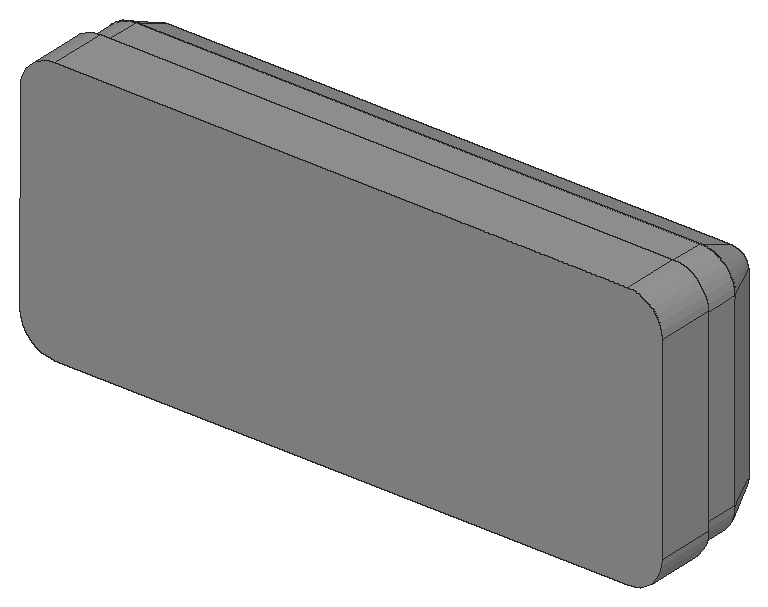
Revit family "IEK_РозеткаСетевая_ОткрытойУстановки_Без ЗК 10А 3-местная IP20_ОКТАВА", category Электрические приборы, Revit 2019
Family settings
  Сохранять ориентацию аннотаций = Да
  Размер круглого соединителя = Использовать диаметр
  Тип детали = Нормальный
  На основе рабочей плоскости = Нет
  Всегда вертикально = Да
  При загрузке вырезать с полостями = Нет
  Общий = Нет
  Точка расчета площади = Нет
Parameters (values of type "РС23-2-ОК")
  Ширина = 147 mm  # constant formula
  Тип монтажа = "Поверхность монтажа (открытая установка)"  # constant formula
  Степень защиты = "IP20"  # constant formula
  Изготовитель = "IEK"  # constant formula
  Дата изменения = ""
  Глубина = 30.8 mm  # constant formula
  Высота = 61 mm  # constant formula
  ΔХ [instance] = 2000 mm
  ΔY [instance] = 2000 mm
  KSI_CPr_Строительные изделия = "20.4.03.04 20.4.03.05 20.4.03.06"  # constant formula
  KSI_CMa_Строительные материалы = "01.7.14.03"  # constant formula
  IEK_Цена за единицу = 248.35
  IEK_Поиск в таблице имен = ""
  IEK_Описание = "Универсальный дизайн серии открытой установки \"ОКТАВА\" позволяет устанавливать изделия в квартирах, загородных домах, офисных и производственных помещениях."
  IEK_URL = "https://www.iek.ru/products/catalog/izdeliya_elektroustanovochnye_udliniteli_i_silovye_razemy/elektroustanovochnye_izdeliya/elektroustanovochnye_izdeliya_otkrytogo_montazha_ip20/elektroustanovochnye_izdeliya_oktava/elektroustanovochnye_izdeliya_oktava_tsvet_kremovyy/rozetka_3_mestnaya_dlya_otkrytoy_ustanovki_rs23_2_ok_bez_zazemlyayushchego_kontakta_10a_oktava_kremovyy_iek"
  ADSK_Ток [instance] = 10 A  # constant formula
  ADSK_Примечание = ""
  ADSK_Полная мощность [instance] = ADSK_Номинальная мощность / ADSK_Коэффициент мощности  # 2200 VA
  ADSK_Позиция [instance] = ""
  ADSK_Номинальная мощность [instance] = ADSK_Ток * ADSK_Напряжение * sqrt(ADSK_Количество фаз числовое) * ADSK_Коэффициент мощности  # 2200 W
  ADSK_Напряжение = 220 V
  ADSK_Наименование = "Розетка 3-местная для открытой установки РС23-2-ОК без заземляющего контакта 10А ОКТАВА кремовый IEK"
  ADSK_Материал обозначение = ""
  ADSK_Материал наименование = "Пластик"  # constant formula
  ADSK_Материал = Цвет кремовый
  ADSK_Масса = 0.088
  ADSK_Марка = "ОКТАВА"  # constant formula
  ADSK_Коэффициент мощности [instance] = 1  # constant formula
  ADSK_Количество фаз числовое = 1
  ADSK_Количество фаз = 1
  ADSK_Код изделия = "ERO30-K33-10-DC"
  ADSK_Классификация нагрузок [instance] = Прочее
  ADSK_Завод-изготовитель = "IEK"  # constant formula
  ADSK_Единица измерения = "шт"  # constant formula
  ADSK_Группирование = "III ЭЛЕКТРОУСТАНОВОЧНЫЕ И ЭЛЕКТРОМОНТАЖНЫЕ ИЗДЕЛИЯ"  # constant formula
  ADSK_Версия семейства = "1.0"  # constant formula
  ADSK_Версия Revit = "2019"  # constant formula
  ADSK_URL страницы изделия = "https://www.iek.ru/products/catalog/izdeliya_elektroustanovochnye_udliniteli_i_silovye_razemy/elektroustanovochnye_izdeliya/elektroustanovochnye_izdeliya_otkrytogo_montazha_ip20/elektroustanovochnye_izdeliya_oktava/?pagec=100"
Reference planes
  plane 1 "По центру (Вперед/Назад)": y = 0
  plane 2: z = 0
  plane 3 "По центру (Влево/Вправо)": x = 0
  plane 4 "Высота ножек": z = 280
  plane 5 "Высота": z = 2081.496
  plane 6: x = -2000
  plane 7: y = 2000
Forms (mm)
  Extrusion 1, void
    sketch origin (20.001, 0, 30.5) x (0, 0, -1) y (-1, 0, 0)
      loop
        circle (0, 20) r 19.5
      loop
        circle (0, -22.995) r 19.5
      loop
        circle (0, 62.995) r 19.5
    from 22 to 31
  Extrusion 2, solid, material "Цвет кремовый" <- "ADSK_Материал", detail levels fine
    sketch origin (0.001, 0, 30.5) x (0, 0, -1) y (-1, 0, 0)
      loop
        line (-30.5, 65.537) -> (-30.5, -65.534)
        arc (-30.5, -65.534) -> (-28.167, -71.167) -> (-22.534, -73.5) r 7.966
        line (-22.534, -73.5) -> (22.505, -73.5)
        arc (22.505, -73.5) -> (28.158, -71.158) -> (30.5, -65.505) r 7.995
        line (30.5, -65.505) -> (30.5, 65.494)
        arc (30.5, 65.494) -> (28.155, 71.155) -> (22.494, 73.5) r 8.006
        line (22.494, 73.5) -> (-22.537, 73.5)
        arc (-22.537, 73.5) -> (-28.168, 71.168) -> (-30.5, 65.537) r 7.963
    from 0 to 13
  Extrusion 3, solid, material "Цвет кремовый" <- "ADSK_Материал", detail levels fine
    sketch origin (0.001, 0, 30.5) x (0, 0, -1) y (-1, 0, 0)
      loop
        line (-29.5, 64.48) -> (-29.5, -64.519)
        arc (-29.5, -64.519) -> (-27.163, -70.163) -> (-21.519, -72.5) r 7.981
        line (-21.519, -72.5) -> (21.5, -72.5)
        arc (21.5, -72.5) -> (27.157, -70.157) -> (29.5, -64.5) r 8
        line (29.5, -64.5) -> (29.5, 64.48)
        arc (29.5, 64.48) -> (27.151, 70.151) -> (21.48, 72.5) r 8.02
        line (21.48, 72.5) -> (-21.48, 72.5)
        arc (-21.48, 72.5) -> (-27.151, 70.151) -> (-29.5, 64.48) r 8.02
    from 13 to 22
  Blend 4, solid, material "Цвет кремовый" <- "ADSK_Материал", detail levels fine
    base sketch origin (0.001, 0, 30.5) x (0, 0, -1) y (-1, 0, 0)
      loop
        line (-29.5, 64.5) -> (-29.5, -64.5)
        arc (-29.5, -64.5) -> (-27.157, -70.157) -> (-21.5, -72.5) r 8
        line (-21.5, -72.5) -> (21.5, -72.5)
        arc (21.5, -72.5) -> (27.157, -70.157) -> (29.5, -64.5) r 8
        line (29.5, -64.5) -> (29.5, 64.5)
        arc (29.5, 64.5) -> (27.157, 70.157) -> (21.5, 72.5) r 8
        line (21.5, 72.5) -> (-21.5, 72.5)
        arc (-21.5, 72.5) -> (-27.157, 70.157) -> (-29.5, 64.5) r 8
    top sketch origin (0.001, 0, 30.5) x (0, 0, -1) y (-1, 0, 0)
      loop
        line (-25.303, 64.503) -> (-25.303, -64.531)
        arc (-25.303, -64.531) -> (-24.198, -67.198) -> (-21.531, -68.303) r 3.772
        line (-21.531, -68.303) -> (21.503, -68.303)
        arc (21.503, -68.303) -> (24.19, -67.19) -> (25.303, -64.503) r 3.8
        line (25.303, -64.503) -> (25.303, 64.503)
        arc (25.303, 64.503) -> (24.19, 67.19) -> (21.503, 68.303) r 3.8
        line (21.503, 68.303) -> (-21.503, 68.303)
        arc (-21.503, 68.303) -> (-24.19, 67.19) -> (-25.303, 64.503) r 3.8
    from 22 to 31
  Extrusion 5, void
    sketch origin (0.001, 0, 30.5) x (0, 0, -1) y (-1, 0, 0)
      loop
        arc (-23.303, -64.303) -> (-22.717, -65.717) -> (-21.303, -66.303) r 2
        line (-21.303, -66.303) -> (21.303, -66.303)
        arc (21.303, -66.303) -> (22.717, -65.717) -> (23.303, -64.303) r 2
        line (23.303, -64.303) -> (23.303, 64.303)
        arc (23.303, 64.303) -> (22.717, 65.717) -> (21.303, 66.303) r 2
        line (21.303, 66.303) -> (-21.303, 66.303)
        arc (-21.303, 66.303) -> (-22.717, 65.717) -> (-23.303, 64.303) r 2
        line (-23.303, 64.303) -> (-23.303, -64.303)
      loop
        circle (0, 0) r 20.5
      loop
        circle (0, -43.037) r 20.5
      loop
        circle (0, 43.037) r 20.5
    from 30.5 to 31
  Extrusion 6, void
    sketch origin (19.992, 0, 30.5) x (0, 0, -1) y (-1, 0, 0)
      loop
        circle (-9.525, -23.047) r 2.758
      loop
        circle (9.525, -23.047) r 2.758
      loop
        circle (-9.525, 19.99) r 2.758
      loop
        circle (9.525, 19.99) r 2.758
      loop
        circle (-9.525, 63.027) r 2.758
      loop
        circle (9.525, 63.027) r 2.758
    from 22 to 20.1
  Extrusion 7, solid, detail levels coarse
    sketch origin (0, 0, 0) x (1, 0, 0) y (0, 1, 0)
      loop
        line (-73.499, 0) -> (73.501, 0) -> (73.501, 31) -> (-73.499, 31) -> (-73.499, 0)
    from 0 to 61
  Extrusion 8, solid, detail levels medium
    sketch origin (0, 0, 0) x (1, 0, 0) y (0, 1, 0)
      loop
        line (-73.499, 31) -> (-73.499, 0) -> (73.501, 0) -> (73.501, 31) -> (-73.499, 31)
    from 0 to 61
Cuts and joins
  Extrusion 1, Extrusion 5, Extrusion 6 cuts Blend 4
  Extrusion 6 cuts Extrusion 3
Lines and regions (mm)
  reference lines
    curve 1: line (0, 44.647, 0) -> (0, -55.353, 0)
    curve 2: line (-23.829, 0, 0) -> (76.171, 0, 0)
Dimensions and locks
  locked: plane 4 "Высота ножек" to plane 2 at 280
  plane 5 "Высота" to plane 4 "Высота ножек" = 1801.496 mm
  "ΔХ": plane 6 to curve 1
  "ΔY": plane 7 to curve 2
  aligned and locked: level to plane 2
  aligned and locked: nested 1 to curve 1
  aligned and locked: curve 2 to nested 1
Automatic sketch dimensions
  level to Extrusion 1 sketch curve = 30.5 mm  (x3)
  plane 3 "По центру (Влево/Вправо)" to Extrusion 1 sketch curve = 0.001 mm
  Extrusion 1 sketch curve to Extrusion 1 sketch curve = 42.995 mm
  Extrusion 1 sketch curve to plane 3 "По центру (Влево/Вправо)" = 42.993 mm
  level to Extrusion 2 sketch curve = 61 mm
  Extrusion 2 sketch curve to Extrusion 2 sketch curve = 7.963 mm
  Extrusion 2 sketch curve to Extrusion 2 sketch curve = 7.966 mm
  level to Extrusion 2 sketch curve = 8.006 mm
  level to Extrusion 2 sketch curve = 7.995 mm
  Extrusion 2 sketch curve to Extrusion 2 sketch curve = 8.006 mm
  plane 3 "По центру (Влево/Вправо)" to Extrusion 2 sketch curve = 73.501 mm
  Extrusion 2 sketch curve to plane 3 "По центру (Влево/Вправо)" = 65.492 mm
  level to Extrusion 3 sketch curve = 60 mm
  Extrusion 3 sketch curve to Extrusion 3 sketch curve = 7.981 mm
  Extrusion 3 sketch curve to Extrusion 3 sketch curve = 8.02 mm  (x2)
  level to Extrusion 3 sketch curve = 9.02 mm
  level to Extrusion 3 sketch curve = 9 mm
  plane 3 "По центру (Влево/Вправо)" to Extrusion 3 sketch curve = 72.501 mm
  Extrusion 3 sketch curve to plane 3 "По центру (Влево/Вправо)" = 64.479 mm
  level to Blend 4 sketch curve = 60 mm
  Blend 4 sketch curve to Blend 4 sketch curve = 8 mm  (x3)
  level to Blend 4 sketch curve = 9 mm  (x2)
  plane 3 "По центру (Влево/Вправо)" to Blend 4 sketch curve = 72.501 mm
  Blend 4 sketch curve to plane 3 "По центру (Влево/Вправо)" = 64.499 mm
  level to Blend 4 sketch curve = 55.803 mm
  Blend 4 sketch curve to Blend 4 sketch curve = 3.772 mm
  Blend 4 sketch curve to Blend 4 sketch curve = 3.8 mm  (x2)
  level to Blend 4 sketch curve = 8.997 mm  (x2)
  plane 3 "По центру (Влево/Вправо)" to Blend 4 sketch curve = 68.305 mm
  Blend 4 sketch curve to plane 3 "По центру (Влево/Вправо)" = 64.502 mm
  level to Extrusion 5 sketch curve = 53.803 mm
  Extrusion 5 sketch curve to Extrusion 5 sketch curve = 2 mm  (x3)
  level to Extrusion 5 sketch curve = 30.5 mm  (x3)
  plane 3 "По центру (Влево/Вправо)" to Extrusion 5 sketch curve = 0.001 mm
  level to Extrusion 5 sketch curve = 9.197 mm  (x2)
  Extrusion 5 sketch curve to Extrusion 5 sketch curve = 43.037 mm
  Extrusion 5 sketch curve to Extrusion 5 sketch curve = 21.266 mm  (x2)
  Extrusion 5 sketch curve to plane 3 "По центру (Влево/Вправо)" = 43.036 mm
  level to Extrusion 6 sketch curve = 40.025 mm  (x3)
  plane 3 "По центру (Влево/Вправо)" to Extrusion 6 sketch curve = 0.001 mm  (x2)
  level to Extrusion 6 sketch curve = 20.975 mm  (x3)
  Extrusion 6 sketch curve to Extrusion 6 sketch curve = 43.037 mm
  Extrusion 6 sketch curve to Extrusion 6 sketch curve = 0 mm  (x2)
  Extrusion 6 sketch curve to plane 3 "По центру (Влево/Вправо)" = 43.036 mm
  plane 1 "По центру (Вперед/Назад)" to Extrusion 7 sketch curve = 0 mm
  Extrusion 7 sketch curve to plane 1 "По центру (Вперед/Назад)" = 31 mm
  Extrusion 7 sketch curve to plane 3 "По центру (Влево/Вправо)" = 73.499 mm
  plane 3 "По центру (Влево/Вправо)" to Extrusion 7 sketch curve = 73.501 mm
  plane 1 "По центру (Вперед/Назад)" to Extrusion 8 sketch curve = 0 mm
  Extrusion 8 sketch curve to plane 3 "По центру (Влево/Вправо)" = 73.499 mm
  plane 3 "По центру (Влево/Вправо)" to Extrusion 8 sketch curve = 73.501 mm
  Extrusion 8 sketch curve to Extrusion 8 sketch curve = 31 mm
  curve 2 to plane 3 "По центру (Влево/Вправо)" = 23.829 mm
  plane 3 "По центру (Влево/Вправо)" to curve 2 = 76.171 mm
  plane 1 "По центру (Вперед/Назад)" to curve 1 = 55.353 mm
  curve 1 to plane 1 "По центру (Вперед/Назад)" = 44.647 mm
  radius of Extrusion 1 sketch curve = 19.5 mm  (x3)
  radius of Extrusion 5 sketch curve = 20.5 mm  (x3)
  radius of Extrusion 6 sketch curve = 2.758 mm  (x6)
Nested families
  nested 1: "УГО Розетки" at (0, 0, 0), type "2P-O", detail levels coarse+medium
    with Количество в блоке "3Б", Блок розеток yes, IP44 no
Connectors
  electrical at (0.002, 0, 30.509), driven by "ADSK_Количество фаз", driven by "ADSK_Классификация нагрузок", driven by "ADSK_Напряжение", driven by "ADSK_Полная мощность", driven by "ADSK_Коэффициент мощности"
    settings: on Extrusion 2, index 1, voltage 220 V, apparent load 0 VA, apparent load phase1 2200 VA, apparent load phase2 0 VA, apparent load phase3 0 VA, power factor 1, load classification "Прочее", number of poles 1, system type 31, power factor state 1, is connector primary yes, connector utility no, sub classification motor no, connector description ""
Definition of nested family "УГО Розетки"
  Parameters (values of type "3PE-O")
    Количество в блоке [instance] = ""
    Блок розеток [instance] = no
    IP44 [instance] = no
    3PE-O = yes
    3PE-C = no
    2PE-O = no
    2PE-C = no
    2P-O = no
    2P-C = no
  Types (6, lengths in mm): name | 3PE-O | 3PE-C | 2PE-O | 2PE-C | 2P-O | 2P-C
    2P-O | no | no | no | no | yes | no
    3PE-O | yes | no | no | no | no | no
    2P-C | no | no | no | no | no | yes
    2PE-C | no | no | no | yes | no | no
    2PE-O | no | no | yes | no | no | no
    3PE-C | no | yes | no | no | no | no
  Reference planes
    plane 1: y = 0
    plane 2: x = 0
  Lines and regions (mm)
    Filled region 1, type "Цветовая область 1", visible <- "IP44"
      outline origin (0, 0, 0) x (1, 0, 0) y (0, 1, 0)
        loop
          line (-2.5, 0) -> (2.5, 0)
          arc (2.5, 0) -> (0, 2.5) -> (-2.5, 0) r 2.5
    Filled region 2, type "Цветовая область 1", visible <- "IP44", not visible
      outline origin (0, 0, 0) x (1, 0, 0) y (0, 1, 0)
        loop
          line (-2.5, 4.664) -> (2.5, 4.664)
          arc (2.5, 4.664) -> (0, 7.164) -> (-2.5, 4.664) r 2.5
    detail lines
      curve 1: line (-2.5, 0, 0) -> (2.5, 0, 0)
      curve 3: line (0, 2.5, 0) -> (0, 5, 0)
      curve 4: arc (-2.5, 0, 0) -> (0, 2.5, 0) -> (2.5, 0, 0) r 2.5
    detail lines, visible <- "3PE-C"
      curve 2: line (0, 0, 0) -> (0, 2.5, 0)
      curve 5: line (-2.5, 2.5, 0) -> (2.5, 2.5, 0)
      curve 17: line (0, 2.5, 0) -> (1.768, 4.268, 0)
      curve 18: line (0, 2.5, 0) -> (-1.768, 4.268, 0)
    detail lines, not visible
      curve 6: line (-2.5, 4.664, 0) -> (2.5, 4.664, 0)
      curve 8: line (0, 7.164, 0) -> (0, 9.664, 0)
      curve 9: arc (-2.5, 4.664, 0) -> (0, 7.164, 0) -> (2.5, 4.664, 0) r 2.5
    detail lines, visible <- "3PE-C", not visible
      curve 7: line (0, 4.664, 0) -> (0, 7.164, 0)
      curve 10: line (-2.5, 7.164, 0) -> (2.5, 7.164, 0)
      curve 23: line (0, 7.164, 0) -> (1.768, 8.932, 0)
      curve 24: line (0, 7.164, 0) -> (-1.768, 8.932, 0)
    detail lines, visible <- "3PE-O"
      curve 11: line (-2.5, 2.5, 0) -> (2.5, 2.5, 0)
      curve 19: line (0, 2.5, 0) -> (1.768, 4.268, 0)
      curve 20: line (0, 2.5, 0) -> (-1.768, 4.268, 0)
    detail lines, visible <- "3PE-O", not visible
      curve 12: line (-2.5, 7.164, 0) -> (2.5, 7.164, 0)
      curve 25: line (0, 7.164, 0) -> (1.768, 8.932, 0)
      curve 26: line (0, 7.164, 0) -> (-1.768, 8.932, 0)
    detail lines, visible <- "2PE-C"
      curve 13: line (0, 0, 0) -> (0, 2.5, 0)
      curve 22: line (-2.5, 2.5, 0) -> (2.5, 2.5, 0)
    detail lines, visible <- "2P-C"
      curve 14: line (0, 0, 0) -> (0, 2.5, 0)
    detail lines, visible <- "2PE-C", not visible
      curve 15: line (0, 4.664, 0) -> (0, 7.164, 0)
      curve 28: line (-2.5, 7.164, 0) -> (2.5, 7.164, 0)
    detail lines, visible <- "2P-C", not visible
      curve 16: line (0, 4.664, 0) -> (0, 7.164, 0)
    detail lines, visible <- "2PE-O"
      curve 21: line (-2.5, 2.5, 0) -> (2.5, 2.5, 0)
    detail lines, visible <- "2PE-O", not visible
      curve 27: line (-2.5, 7.164, 0) -> (2.5, 7.164, 0)
    reference lines
      curve 29: line (100, 9.605, 0) -> (100, -3.971, 0)
  Text (mm)
    label "3" at (1.908, 5.573, 0), shows "Количество в блоке", visible <- "Блок розеток"
    label "3" at (1.908, 10.237, 0), shows "Количество в блоке", visible <- "Блок розеток", not visible
  Dimensions and locks
    aligned and locked: Filled region 1 sketch curve to curve 4
    aligned and locked: Filled region 2 sketch curve to curve 9
